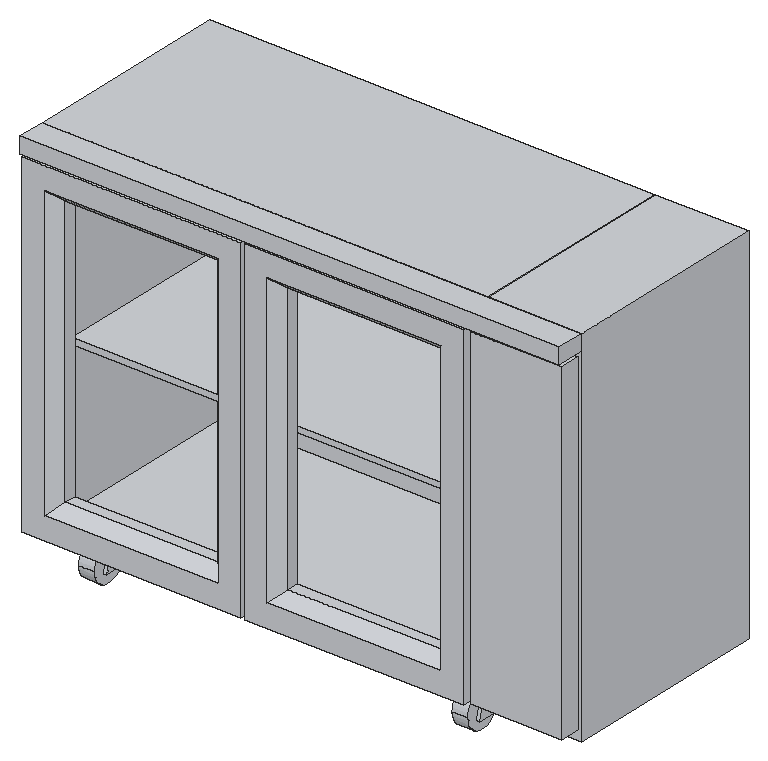
Revit family "Skope BB380", category Specialty Equipment, Revit 2015
Parameters (values of type "2 Swing Doors Chiller Remote (RH)")
  PD [instance] = if(Height Set > HOM, HOM, if(Height Set < HOMi, HOMi, Height Set))  # 110 mm
  Feet [instance] = not(Castors)  # no
  Swing = not(Sliding)  # yes
  Small Unit Size = 235 mm  # constant formula
  Small Refridgeration Unit = not(Large Refrigeration Unit)  # yes
  Sliding = no
  Refridgeration Unit Depth = if(Large Refrigeration Unit, Large Unit Size, Small Unit Size)  # 235 mm
  RHS = if(and(Small Refridgeration Unit, RH Unit), 1 < 2, 2 < 1)  # yes
  RHL = if(and(Large Refrigeration Unit, RH Unit), 1 < 2, 2 < 1)  # no
  RH Unit = not(LH Unit)  # yes
  RH Refrigeration Unit = if(RH Unit, Refridgeration Unit Depth, 0 mm)  # 235 mm
  Plinth [instance] = no
  Overall Width = 596 mm
  Overall Length = 1355 mm
  Overall Depth = 920 mm
  Model = "BB380r-2SW-RH"
  Manufacturer = "Skope Ltd."  # constant formula
  MW = Overall Width - Door Thickness  # 525.2 mm
  MS = Overall Length - LH Refrigeration Unit - RH Refrigeration Unit  # 1120 mm
  MH = Overall Depth - Bench Thickness  # 880 mm
  Large Unit Size = 380 mm  # constant formula
  Large Refrigeration Unit = no
  LHS = if(and(Small Refridgeration Unit, LH Unit), 1 < 2, 2 < 1)  # no
  LHL = if(and(Large Refrigeration Unit, LH Unit), 1 < 2, 2 < 1)  # no
  LH Unit = no
  LH Refrigeration Unit = if(LH Unit, Refridgeration Unit Depth, 0 mm)  # 0 mm
  Interior Wheel Offset = 90 mm  # constant formula
  Height Set [instance] = 190 mm
  Height Offset [instance] = if(Plinth, Height Set, PD)  # 110 mm
  HOMi [instance] = if(Castors, 95 mm, 150 mm)  # 95 mm
  HOM [instance] = if(Castors, 110 mm, 180 mm)  # 110 mm
  DoorNo = 2  # constant formula
  Door Width = MS / 2  # 560 mm
  Door Thickness = 70.8 mm  # constant formula
  Description = "2 Swing Doors Chiller Remote (RH)"
  Castors [instance] = yes
  Bench Thickness = 40 mm  # constant formula
Types (9, lengths in mm): name | Swing | Small Refridgeration Unit | Sliding | Refridgeration Unit Depth | RHS | RHL | RH Unit | RH Refrigeration Unit | Overall Length | Model | Large Refrigeration Unit | LHS | LHL | LH Unit | LH Refrigeration Unit | Description
  (no name) | yes | yes | no | 235 | yes | no | yes | 235 | 1355 | "BB380r-2SW-RH" | no | no | no | no | 0 | "2 Swing Doors Chiller Remote (RH)"
  2 Sliding Doors Chiller Integral (LH) | no | no | yes | 380 | no | no | no | 0 | 1500 | "BB380-2SL" | yes | no | yes | yes | 380 | "2 Sliding Doors Chiller Integral (LH)"
  2 Sliding Doors Chiller Integral (RH) | no | no | yes | 380 | no | yes | yes | 380 | 1500 | "BB380-2SL-RH" | yes | no | no | no | 0 | "2 Sliding Doors Chiller Integral (RH)"
  2 Sliding Doors Chiller Remote (LH) | no | yes | yes | 235 | no | no | no | 0 | 1355 | "BB380r-2SL" | no | yes | no | yes | 235 | "2 Sliding Doors Chiller Remote (LH)"
  2 Sliding Doors Chiller Remote (RH) | no | yes | yes | 235 | yes | no | yes | 235 | 1355 | "BB380r-2SL-RH" | no | no | no | no | 0 | "2 Sliding Doors Chiller Remote (RH)"
  2 Swing Doors Chiller Integral (LH) | yes | no | no | 380 | no | no | no | 0 | 1500 | "BB380-2SW" | yes | no | yes | yes | 380 | "2 Swing Doors Chiller Integral (LH)"
  2 Swing Doors Chiller Integral (RH) | yes | no | no | 380 | no | yes | yes | 380 | 1500 | "BB380-2SW-RH" | yes | no | no | no | 0 | "2 Swing Doors Chiller Integral (RH)"
  2 Swing Doors Chiller Remote (LH) | yes | yes | no | 235 | no | no | no | 0 | 1355 | "BB380r-2SW" | no | yes | no | yes | 235 | "2 Swing Doors Chiller Remote (LH)"
  2 Swing Doors Chiller Remote (RH) | yes | yes | no | 235 | yes | no | yes | 235 | 1355 | "BB380r-2SW-RH" | no | no | no | no | 0 | "2 Swing Doors Chiller Remote (RH)"
Reference planes
  plane 1 "Center (Front/Back)": y = 0
  plane 2: z = 0
  plane 3 "Center (Left/Right)": x = 0
  plane 4: y = -596
  plane 5: x = 1355
  plane 6: x = 0
  plane 7: x = 1120
  plane 8: y = -525.2
  plane 9: z = 110
  plane 10: z = 990
  plane 11: z = 1030
  plane 12: x = 90
  plane 13: x = 1030
  plane 14: y = -90
  plane 15: y = -435.2
Forms (mm)
  Extrusion 1, solid
    sketch origin (0, 0, 0) x (0, 1, 0) y (0, 0, 1)
      loop
        line (-525.2, 1030) -> (-596, 1030) -> (-596, 990) -> (-525.2, 990) -> (-525.2, 1030)
    from 0 to 1355
Dimensions and locks
  "Overall Width": plane 4 to plane 1 "Center (Front/Back)"
  "LH Refrigeration Unit": plane 3 "Center (Left/Right)" to plane 6
  "RH Refrigeration Unit": plane 7 to plane 5
  "Door Thickness": plane 8 to plane 4
  "Overall Length": plane 3 "Center (Left/Right)" to plane 5
  "Height Offset": plane 9 to plane 2
  "Overall Depth": plane 11 to plane 9
  "Bench Thickness": plane 11 to plane 10
  "Interior Wheel Offset": plane 14 to plane 1 "Center (Front/Back)"
  "Interior Wheel Offset": plane 15 to plane 8
  "Interior Wheel Offset": plane 13 to plane 7
  "Interior Wheel Offset": plane 6 to plane 12
  plane 10 to Extrusion 1 = 40 mm
  aligned and locked: level to plane 2
  aligned and locked: plane 9 to nested 1
  aligned and locked: plane 3 "Center (Left/Right)" to nested 2
  aligned and locked: plane 1 "Center (Front/Back)" to nested 2
  aligned and locked: plane 9 to nested 2
  aligned and locked: plane 1 "Center (Front/Back)" to nested 3
  aligned and locked: plane 6 to nested 1
  aligned and locked: plane 3 "Center (Left/Right)" to nested 4
  aligned and locked: nested 4 to plane 8
  aligned and locked: plane 9 to nested 4
  aligned and locked: plane 3 "Center (Left/Right)" to nested 5
  aligned and locked: nested 5 to plane 8
  aligned and locked: plane 9 to nested 5
  aligned and locked: plane 12 to nested 6
  aligned and locked: plane 14 to nested 6
  aligned and locked: plane 12 to nested 7
  aligned and locked: plane 13 to nested 8
  aligned and locked: plane 15 to nested 7
  aligned and locked: nested 7 to plane 9
  aligned and locked: nested 6 to plane 9
  aligned and locked: nested 8 to plane 9
  aligned and locked: plane 14 to nested 8
  aligned and locked: plane 13 to nested 9
  aligned and locked: plane 15 to nested 9
  aligned and locked: nested 9 to plane 9
  aligned and locked: plane 9 to nested 3
  aligned and locked: plane 5 to nested 3
  aligned and locked: nested 10 to plane 12
  aligned and locked: nested 10 to plane 14
  aligned and locked: nested 11 to plane 12
  aligned and locked: nested 11 to plane 15
  aligned and locked: nested 13 to plane 15
  aligned and locked: nested 12 to plane 14
  aligned and locked: nested 12 to plane 13
  aligned and locked: nested 13 to plane 13
  aligned and locked: nested 11 to plane 9
  aligned and locked: nested 10 to plane 9
  aligned and locked: nested 13 to plane 9
  aligned and locked: nested 12 to plane 9
  aligned and locked: plane 6 to nested 14
  aligned and locked: nested 14 to plane 8
  aligned and locked: plane 9 to nested 14
  aligned and locked: nested 15 to plane 9
  aligned and locked: nested 1 to Extrusion 1 sketch curve  (x2)
  aligned and locked: Extrusion 1 sketch curve to nested 4  (x2)
  aligned and locked: plane 5 to Extrusion 1
  aligned and locked: Extrusion 1 to plane 3 "Center (Left/Right)"
  aligned and locked: plane 6 to nested 16
  aligned and locked: nested 16 to plane 8
  aligned and locked: plane 5 to nested 18
  aligned and locked: nested 18 to plane 8
  aligned and locked: plane 5 to nested 17
  aligned and locked: nested 17 to plane 8
  aligned and locked: plane 7 to nested 15
  aligned and locked: plane 8 to nested 15
  aligned and locked: plane 3 "Center (Left/Right)" to nested 19
  aligned and locked: plane 1 "Center (Front/Back)" to nested 19
  aligned and locked: plane 9 to nested 16
  aligned and locked: plane 9 to nested 18
  aligned and locked: plane 9 to nested 17
Nested families
  nested 1: "Skope Base Unit" at (0, 0, 110), type "Skope Base Unit"
    with Width 1120 mm, Height 920 mm, Depth 525.2 mm
  nested 2: "Skope Side Base Unit" at (0, 0, 110), visible <- "LH Unit", type "Skope Side Base Unit"
    with Width 235 mm, Height 920 mm, Depth 525.2 mm
  nested 3: "Skope Side Base Unit" at (1120, 0, 110), visible <- "RH Unit", type "Skope Side Base Unit"
    with Width 235 mm, Height 920 mm, Depth 525.2 mm
  nested 4: "Skope Side Unit (Small)" at (0, -525.2, 110), visible <- "LHS", type "Skope Side Unit (Small)"
  nested 5: "Skope Side Unit" at (0, -525.2, 110), visible <- "LHL", type "Skope Side Unit"
  nested 6: "Skope Castors" at (90, -90, 110) x (-1, 0, 0) z (0, 0, 1), visible <- "Castors", type "Skope Castor", detail levels medium+fine
  nested 7: "Skope Castors" at (90, -435.2, 110) x (-1, 0, 0) z (0, 0, 1), visible <- "Castors", type "Skope Castor", detail levels medium+fine
  nested 8: "Skope Castors" at (1030, -90, 110) x (-1, 0, 0) z (0, 0, 1), visible <- "Castors", type "Skope Castor", detail levels medium+fine
  nested 9: "Skope Castors" at (1030, -435.2, 110) x (-1, 0, 0) z (0, 0, 1), visible <- "Castors", type "Skope Castor", detail levels medium+fine
  nested 10: "Skope Legs" at (90, -90, 110), visible <- "Feet", built-in parameter 1001364 <- "Height Offset", type "Skope Castor", detail levels medium+fine
  nested 11: "Skope Legs" at (90, -435.2, 110), visible <- "Feet", built-in parameter 1001364 <- "Height Offset", type "Skope Castor", detail levels medium+fine
  nested 12: "Skope Legs" at (1030, -90, 110), visible <- "Feet", built-in parameter 1001364 <- "Height Offset", type "Skope Castor", detail levels medium+fine
  nested 13: "Skope Legs" at (1030, -435.2, 110), visible <- "Feet", built-in parameter 1001364 <- "Height Offset", type "Skope Castor", detail levels medium+fine
  nested 14: "Skope Solid Swing Door" at (0, -525.2, 110), type "Skope Solid Swing Door"
    with Swing yes, Slide no
  nested 15: "Skope Solid Swing Door" at (1120, -525.2, 110) x (-1, 0, 0) z (0, 0, 1), type "Skope Solid Swing Door"
    with Swing yes, Slide no
  nested 16: "Skope Glass SlidingDoor" at (0, -525.2, 110), visible <- "Sliding", type "Skope Glass SlidingDoor"
    with Width 1120 mm, Door Visual Radius 1072 mm
  nested 17: "Skope Side Unit (Small)" at (1120, -525.2, 110), visible <- "RHS", type "Skope Side Unit (Small)"
  nested 18: "Skope Side Unit" at (975, -525.2, 110), visible <- "RHL", type "Skope Side Unit"
  nested 19: "Family8" at (0, 0, 0), visible <- "Plinth", type "Family8"
    with Width 525.2 mm, Offset 20 mm, Length 1355 mm, Height 110 mm
Definition of nested family "Skope Base Unit"
  Parameters (values of type "Skope Base Unit")
    Width = 1500 mm
    Material = none
    Height = 925 mm
    Depth = 539.2 mm
  Reference planes
    plane 1 "Center (Front/Back)": y = 0
    plane 2: z = 0
    plane 3 "Center (Left/Right)": x = 0
    plane 4: y = -539.2
    plane 5: x = 1500
    plane 6: z = 925
    plane 7: x = 70
    plane 8: z = 855
    plane 9: z = 70
    plane 10: x = 1430
    plane 11: y = -50
    plane 12: z = 462.5
  Forms (mm)
    Extrusion 1, solid, material <- "Material"
      sketch origin (0, 0, 0) x (1, 0, 0) y (0, 1, 0)
        loop
          line (0, -539.2) -> (1500, -539.2) -> (1500, 0) -> (0, 0) -> (0, -539.2)
      from 0 to 925 <- "Height"
    Extrusion 2, void
      sketch origin (0, 0, 0) x (1, 0, 0) y (0, 0, 1)
        loop
          line (70, 855) -> (70, 70) -> (1430, 70) -> (1430, 855) -> (70, 855)
      from 50 to 539.2
    Extrusion 3, solid
      sketch origin (0, 0, 0) x (1, 0, 0) y (0, 1, 0)
        loop
          line (70, -539.2) -> (1430, -539.2) -> (1430, -50) -> (70, -50) -> (70, -539.2)
      from 445.841 to 462.5
  Cuts and joins
    Extrusion 2 cuts Extrusion 1
  Dimensions and locks
    "Depth": plane 1 "Center (Front/Back)" to plane 4
    "Width": plane 5 to plane 3 "Center (Left/Right)"
    "Height": plane 6 to plane 2
    locked: plane 5 to plane 10 at 70
    locked: plane 7 to plane 3 "Center (Left/Right)" at 70
    locked: plane 6 to plane 8 at 70
    plane 9 to plane 2 = 70 mm
    locked: plane 11 to plane 1 "Center (Front/Back)" at 50
    equal spacing: plane 6, plane 12, plane 2
    aligned and locked: level to plane 2
    aligned and locked: Extrusion 1 sketch curve to plane 4
    aligned and locked: plane 3 "Center (Left/Right)" to Extrusion 1 sketch curve
    aligned and locked: Extrusion 1 sketch curve to plane 1 "Center (Front/Back)"
    aligned and locked: plane 5 to Extrusion 1 sketch curve
    aligned and locked: Extrusion 2 sketch curve to plane 8
    aligned and locked: Extrusion 2 sketch curve to plane 7
    aligned and locked: plane 9 to Extrusion 2 sketch curve
    aligned and locked: plane 10 to Extrusion 2 sketch curve
    aligned and locked: Extrusion 2 to plane 4
    aligned and locked: plane 11 to Extrusion 2
    aligned and locked: plane 11 to Extrusion 3 sketch curve
    aligned and locked: Extrusion 3 sketch curve to plane 10
    aligned and locked: plane 7 to Extrusion 3 sketch curve
    aligned and locked: Extrusion 3 sketch curve to plane 4
    aligned and locked: Extrusion 3 to plane 12
Definition of nested family "Skope Side Base Unit"
  Parameters (values of type "Skope Side Base Unit")
    Width = 1750 mm
    Material = none
    Height = 716 mm
    Depth = 759.2 mm
  Reference planes
    plane 1 "Center (Front/Back)": y = 0
    plane 2: z = 0
    plane 3 "Center (Left/Right)": x = 0
    plane 4: y = -759.2
    plane 5: x = 1750
    plane 6: z = 716
  Forms (mm)
    Extrusion 1, solid, material <- "Material"
      sketch origin (0, 0, 0) x (1, 0, 0) y (0, 1, 0)
        loop
          line (0, -759.2) -> (1750, -759.2) -> (1750, 0) -> (0, 0) -> (0, -759.2)
      from 0 to 716 <- "Height"
  Dimensions and locks
    "Depth": plane 1 "Center (Front/Back)" to plane 4
    "Width": plane 5 to plane 3 "Center (Left/Right)"
    "Height": plane 6 to plane 2
    aligned and locked: level to plane 2
    aligned and locked: Extrusion 1 sketch curve to plane 4
    aligned and locked: plane 3 "Center (Left/Right)" to Extrusion 1 sketch curve
    aligned and locked: Extrusion 1 sketch curve to plane 1 "Center (Front/Back)"
    aligned and locked: plane 5 to Extrusion 1 sketch curve
Definition of nested family "Skope Side Unit (Small)"
  Parameters (values of type "Skope Side Unit (Small)")
    Width = 235 mm
    Top Offset = 45 mm
    Material = none
    Height = 880 mm
    Grill Offset = 8 mm
    Door Width = Width - (Door Center Offset * 2)  # 75 mm
    Door Top Offset = 160 mm
    Door Offset Bottom = 151.38 mm
    Door Height = Height - Door Offset Bottom - 30 mm  # 698.62 mm
    Door Center Offset = 80 mm
    Detailed Door Width = 1291.611 mm
    Detailed Door Offset = 10 mm
    Detailed Door Ground Clearance = 24 mm
    Detailed Door Elevation Offset = 8 mm
    Detailed Door Depth = Depth - Detailed Door Offset - Detailed Door Elevation Offset  # 52.8 mm
    Depth = 70.8 mm
  Reference planes
    plane 1 "Center (Front/Back)": y = 0
    plane 2: z = 0
    plane 3 "Center (Left/Right)": x = 0
    plane 4: y = -70.8
    plane 5: x = 235
    plane 6: z = 880
    plane 7: y = -10
    plane 8: x = 320
    plane 9: z = 452
    plane 10: z = 24
    plane 11: z = 840
    plane 12: z = 80
    plane 13: z = 188.571
    plane 14: z = 297.143
    plane 15: z = 405.714
    plane 16: z = 514.286
    plane 17: z = 622.857
    plane 18: z = 731.429
    plane 19: z = 178.571
    plane 20: z = 287.143
    plane 21: z = 721.429
    plane 22: z = 612.857
    plane 23: x = 20
    plane 24: x = 215
  Forms (mm)
    Extrusion 1, solid, material <- "Material", detail levels coarse
      sketch origin (0, 0, 0) x (1, 0, 0) y (0, 1, 0)
        loop
          line (0, -70.8) -> (235, -70.8) -> (235, 0) -> (0, 0) -> (0, -70.8)
      from 0 to 880 <- "Height"
    Extrusion 2, solid, material <- "Material", detail levels medium+fine
      sketch origin (-18, 0, 0) x (1, 0, 0) y (0, 0, 1)
        loop
          line (26, 872) -> (26, 32) -> (253, 32) -> (253, 872) -> (26, 872)
      from 10 to 62.8
    Extrusion 3, solid, detail levels medium+fine
      sketch origin (-18, -62.8, 0) x (1, 0, 0) y (0, 0, 1)
        loop
          line (34, 40) -> (245, 40) -> (245, 864) -> (34, 864) -> (34, 40)
      from -62.8 to -52.8
  Lines and regions (mm)
    model lines, detail levels medium+fine
      curve 1: line (20, -62.8, 622.857) -> (215, -62.8, 622.857)
      curve 2: line (20, -62.8, 721.429) -> (20, -62.8, 622.857)
      curve 3: line (215, -62.8, 721.429) -> (20, -62.8, 721.429)
      curve 4: line (215, -62.8, 622.857) -> (215, -62.8, 721.429)
      curve 5: line (20, -62.8, 514.286) -> (215, -62.8, 514.286)
      curve 6: line (20, -62.8, 612.857) -> (20, -62.8, 514.286)
      curve 7: line (215, -62.8, 612.857) -> (20, -62.8, 612.857)
      curve 8: line (215, -62.8, 514.286) -> (215, -62.8, 612.857)
      curve 9: line (20, -62.8, 80) -> (215, -62.8, 80)
      curve 10: line (20, -62.8, 178.571) -> (20, -62.8, 80)
      curve 11: line (215, -62.8, 178.571) -> (20, -62.8, 178.571)
      curve 12: line (215, -62.8, 80) -> (215, -62.8, 178.571)
      curve 13: line (20, -62.8, 188.571) -> (215, -62.8, 188.571)
      curve 14: line (20, -62.8, 287.143) -> (20, -62.8, 188.571)
      curve 15: line (215, -62.8, 287.143) -> (20, -62.8, 287.143)
      curve 16: line (215, -62.8, 188.571) -> (215, -62.8, 287.143)
      curve 17: line (20, -62.8, 731.429) -> (151, -62.8, 731.429)
      curve 18: line (20, -62.8, 796.429) -> (20, -62.8, 731.429)
      curve 19: line (151, -62.8, 796.429) -> (20, -62.8, 796.429)
      curve 20: line (151, -62.8, 731.429) -> (151, -62.8, 796.429)
  Dimensions and locks
    "Depth": plane 1 "Center (Front/Back)" to plane 4
    "Width": plane 5 to plane 3 "Center (Left/Right)"
    "Height": plane 6 to plane 2
    "Detailed Door Offset": plane 7 to plane 1 "Center (Front/Back)"
    Extrusion 1 to Extrusion 1 to plane 8 = 235 mm, 85 mm
    equal spacing: plane 10, plane 9, plane 6
    "Detailed Door Elevation Offset": Extrusion 1 to Extrusion 2  (x3)
    "Detailed Door Ground Clearance": plane 10 to level
    "Detailed Door Depth": plane 7 to Extrusion 2
    "Detailed Door Elevation Offset": Extrusion 2 to plane 10
    "Grill Offset": Extrusion 2 to Extrusion 3 sketch curve
    Extrusion 1 to Extrusion 3 sketch curve = 8 mm
    plane 6 to plane 11 = 40 mm
    plane 12 to plane 2 = 80 mm
    equal spacing: plane 11, plane 18, plane 17, plane 16, plane 15, plane 14, plane 13, plane 12
    plane 18 to plane 21 = 10 mm
    plane 17 to plane 22 = 10 mm
    plane 14 to plane 20 = 10 mm
    plane 13 to plane 19 = 10 mm
    plane 23 to plane 3 "Center (Left/Right)" = 20 mm
    plane 5 to plane 24 = 20 mm
    aligned and locked: level to plane 2
    aligned and locked: Extrusion 1 sketch curve to plane 4
    aligned and locked: plane 3 "Center (Left/Right)" to Extrusion 1 sketch curve
    aligned and locked: Extrusion 1 sketch curve to plane 1 "Center (Front/Back)"
    aligned and locked: Extrusion 1 sketch curve to plane 5
    aligned and locked: plane 7 to Extrusion 2
    aligned and locked: Extrusion 2 sketch curve to plane 5
    aligned and locked: Extrusion 3 to plane 1 "Center (Front/Back)"
    aligned and locked: Extrusion 3 to plane 7
    aligned and locked: curve 1 to plane 17
    aligned and locked: plane 21 to curve 3
    aligned and locked: plane 22 to curve 7
    aligned and locked: curve 9 to plane 12
    aligned and locked: plane 19 to curve 11
    aligned and locked: curve 13 to plane 13
    aligned and locked: plane 20 to curve 15
    aligned and locked: curve 17 to plane 18
    aligned and locked: plane 24 to curve 12
    aligned and locked: plane 23 to curve 10
  Automatic sketch dimensions
    plane 3 "Center (Left/Right)" to Extrusion 2 sketch curve = 8 mm
    plane 10 to Extrusion 2 sketch curve = 8 mm
    Extrusion 2 sketch curve to plane 6 = 8 mm
    curve 3 to Extrusion 2 = 12 mm
    curve 19 to Extrusion 2 = 12 mm
    curve 14 to Extrusion 2 = 12 mm
    curve 5 to Extrusion 2 = 12 mm
    curve 19 to Extrusion 2 = 84 mm
    curve 13 to curve 11 = 0 mm
    curve 1 to curve 8 = 0 mm
    curve 6 to curve 6 = 98.571 mm
    curve 17 to curve 19 = 65 mm
    curve 8 to Extrusion 2 = 20 mm
    Extrusion 3 sketch curve to Extrusion 2 = 8 mm  (x2)
Definition of nested family "Skope Side Unit"
  Parameters (values of type "Skope Side Unit")
    Width = 380 mm
    Top Offset = 45 mm
    Material = none
    Height = 880 mm
    Grill Offset = 8 mm
    Door Width = Width - (Door Center Offset * 2)  # 220 mm
    Door Top Offset = 160 mm
    Door Offset Bottom = 151.38 mm
    Door Height = Height - Door Offset Bottom - 30 mm  # 698.62 mm
    Door Center Offset = 80 mm
    Detailed Door Width = 1291.611 mm
    Detailed Door Offset = 10 mm
    Detailed Door Ground Clearance = 24 mm
    Detailed Door Elevation Offset = 8 mm
    Detailed Door Depth = Depth - Detailed Door Offset - Detailed Door Elevation Offset  # 52.8 mm
    Depth = 70.8 mm
  Reference planes
    plane 1 "Center (Front/Back)": y = 0
    plane 2: z = 0
    plane 3 "Center (Left/Right)": x = 0
    plane 4: y = -70.8
    plane 5: x = 380
    plane 6: z = 880
    plane 7: y = -10
    plane 8: x = 340
    plane 9: z = 452
    plane 10: z = 24
    plane 11: x = 40
    plane 12: z = 840
    plane 13: z = 65.281
    plane 14: z = 710.88
    plane 15: z = 581.76
    plane 16: z = 452.641
    plane 17: z = 323.521
    plane 18: z = 194.401
    plane 19: z = 184.401
    plane 20: z = 313.521
    plane 21: z = 442.641
    plane 22: z = 571.76
    plane 23: z = 700.88
    plane 24: z = 830
    plane 25: x = 220
  Forms (mm)
    Extrusion 1, solid, material <- "Material", detail levels coarse
      sketch origin (0, 0, 0) x (1, 0, 0) y (0, 1, 0)
        loop
          line (0, -70.8) -> (380, -70.8) -> (380, 0) -> (0, 0) -> (0, -70.8)
      from 0 to 880 <- "Height"
    Extrusion 2, solid, material <- "Material", detail levels medium+fine
      sketch origin (-18, 0, 0) x (1, 0, 0) y (0, 0, 1)
        loop
          line (26, 872) -> (26, 32) -> (398, 32) -> (398, 872) -> (26, 872)
      from 10 to 62.8
    Extrusion 3, solid, detail levels medium+fine
      sketch origin (-18, -62.8, 0) x (1, 0, 0) y (0, 0, 1)
        loop
          line (34, 40) -> (390, 40) -> (390, 864) -> (34, 864) -> (34, 40)
      from -62.8 to -52.8
  Lines and regions (mm)
    model lines, detail levels medium+fine
      curve 1: line (40, -62.8, 184.401) -> (340, -62.8, 184.401)
      curve 2: line (40, -62.8, 65.281) -> (40, -62.8, 184.401)
      curve 3: line (340, -62.8, 65.281) -> (40, -62.8, 65.281)
      curve 4: line (340, -62.8, 184.401) -> (340, -62.8, 65.281)
      curve 5: line (40, -62.8, 313.521) -> (340, -62.8, 313.521)
      curve 6: line (40, -62.8, 194.401) -> (40, -62.8, 313.521)
      curve 7: line (340, -62.8, 194.401) -> (40, -62.8, 194.401)
      curve 8: line (340, -62.8, 313.521) -> (340, -62.8, 194.401)
      curve 9: line (40, -62.8, 830) -> (220, -62.8, 830)
      curve 10: line (40, -62.8, 710.88) -> (40, -62.8, 830)
      curve 11: line (220, -62.8, 710.88) -> (40, -62.8, 710.88)
      curve 12: line (220, -62.8, 830) -> (220, -62.8, 710.88)
      curve 13: line (40, -62.8, 700.88) -> (220, -62.8, 700.88)
      curve 14: line (40, -62.8, 581.76) -> (40, -62.8, 700.88)
      curve 15: line (220, -62.8, 581.76) -> (40, -62.8, 581.76)
      curve 16: line (220, -62.8, 700.88) -> (220, -62.8, 581.76)
      curve 17: line (241.037, -62.8, 830) -> (326.037, -62.8, 830)
      curve 18: line (241.037, -62.8, 795) -> (241.037, -62.8, 830)
      curve 19: line (326.037, -62.8, 795) -> (241.037, -62.8, 795)
      curve 20: line (326.037, -62.8, 830) -> (326.037, -62.8, 795)
  Dimensions and locks
    "Depth": plane 1 "Center (Front/Back)" to plane 4
    "Width": plane 5 to plane 3 "Center (Left/Right)"
    "Height": plane 6 to plane 2
    "Detailed Door Offset": plane 7 to plane 1 "Center (Front/Back)"
    Extrusion 1 to plane 8 to Extrusion 1 = 340 mm, 40 mm
    equal spacing: plane 10, plane 9, plane 6
    "Detailed Door Elevation Offset": Extrusion 1 to Extrusion 2  (x3)
    "Detailed Door Ground Clearance": plane 10 to level
    "Detailed Door Depth": plane 7 to Extrusion 2
    "Detailed Door Elevation Offset": Extrusion 2 to plane 10
    "Grill Offset": Extrusion 2 to Extrusion 3 sketch curve
    Extrusion 1 to Extrusion 3 sketch curve = 8 mm
    locked: plane 11 to plane 3 "Center (Left/Right)" at 40
    plane 13 to plane 2 = 65.281 mm
    plane 6 to plane 12 = 40 mm
    equal spacing: plane 12, plane 14, plane 15, plane 16, plane 17, plane 18, plane 13
    plane 12 to plane 24 = 10 mm
    plane 14 to plane 23 = 10 mm
    plane 15 to plane 22 = 10 mm
    plane 16 to plane 21 = 10 mm
    plane 17 to plane 20 = 10 mm
    plane 18 to plane 19 = 10 mm
    locked: plane 5 to plane 8 at 40
    plane 11 to plane 25 = 180 mm
    plane 25 to curve 18 = 21.037 mm
    aligned and locked: level to plane 2
    aligned and locked: Extrusion 1 sketch curve to plane 4
    aligned and locked: plane 3 "Center (Left/Right)" to Extrusion 1 sketch curve
    aligned and locked: Extrusion 1 sketch curve to plane 1 "Center (Front/Back)"
    aligned and locked: Extrusion 1 sketch curve to plane 5
    aligned and locked: plane 7 to Extrusion 2
    aligned and locked: Extrusion 2 sketch curve to plane 5
    aligned and locked: Extrusion 3 to plane 1 "Center (Front/Back)"
    aligned and locked: Extrusion 3 to plane 7
    aligned and locked: curve 1 to plane 19
    aligned and locked: curve 2 to plane 11
    aligned and locked: curve 3 to plane 13
    aligned and locked: curve 4 to plane 8
    aligned and locked: curve 5 to plane 20
    aligned and locked: curve 6 to plane 11
    aligned and locked: plane 18 to curve 7
    aligned and locked: curve 8 to plane 8
    aligned and locked: curve 9 to plane 24
    aligned and locked: curve 10 to plane 11
    aligned and locked: plane 14 to curve 11
    aligned and locked: plane 25 to curve 12
    aligned and locked: curve 13 to plane 23
    aligned and locked: curve 14 to plane 11
    aligned and locked: plane 15 to curve 15
    aligned and locked: plane 25 to curve 16
  Automatic sketch dimensions
    plane 3 "Center (Left/Right)" to Extrusion 2 sketch curve = 8 mm
    plane 10 to Extrusion 2 sketch curve = 8 mm
    Extrusion 2 sketch curve to plane 6 = 8 mm
    curve 19 to Extrusion 2 = 53.963 mm
    curve 18 to curve 9 = 35 mm
    curve 19 to curve 17 = 35 mm
    Extrusion 3 sketch curve to Extrusion 2 = 8 mm  (x2)
Definition of nested family "Skope Castors"
  Parameters (values of type "Skope Castor")
    Wheel Offset = Height Adjusted - 105 mm  # 5 mm
    Wheel Material = none
    Pusher = if([Height (115mm to 130mm)] < 116 mm, -10 mm, (105 mm - Height Adjusted))  # -10 mm
    Material = none
    Height Adjusted = if([Height (115mm to 130mm)] < 110 mm, 110 mm, (if([Height (115mm to 130mm)] > 130 mm, 130 mm, [Height (115mm to 130mm)])))  # 110 mm
    Height (115mm to 130mm) = 110 mm
  Reference planes
    plane 1 "Center (Front/Back)": y = 0
    plane 2: z = 0
    plane 3 "Center (Left/Right)": x = 0
    plane 4: z = -56
    plane 5: x = -50
    plane 6: x = 50
    plane 7: y = -57.5
    plane 8: y = 57.5
    plane 9: z = -5
    plane 10: z = -119.14
  Forms (mm)
    Extrusion 1, solid, material <- "Material"
      sketch origin (-68.05, 25.042, 0) x (1, 0, 0) y (0, 1, 0)
        loop
          circle (68.05, -25.042) r 10
      from -10 <- "Pusher" to 0
    Extrusion 2, solid, material <- "Material"
      sketch origin (0, 0, 0) x (1, 0, 0) y (0, 1, 0)
        loop
          line (-50, 57.5) -> (-50, -57.5) -> (50, -57.5) -> (50, 57.5) -> (-50, 57.5)
      from 0 to -4
  Cuts and joins
    joined: Extrusion 1, Extrusion 2
  Dimensions and locks
    locked: plane 8 to plane 1 "Center (Front/Back)" at 57.5
    plane 7 to plane 1 "Center (Front/Back)" = 57.5 mm
    plane 5 to plane 3 "Center (Left/Right)" to plane 6 = 50 mm, 50 mm
    "Wheel Offset": plane 2 to plane 9
    radius of Extrusion 1 sketch curve = 10 mm
    aligned and locked: level to plane 2
    aligned and locked: level to Extrusion 1
    aligned and locked: plane 3 "Center (Left/Right)" to nested 1
    aligned and locked: nested 1 to Extrusion 1 sketch curve
    aligned and locked: plane 1 "Center (Front/Back)" to Extrusion 1 sketch curve
    aligned and locked: Extrusion 2 sketch curve to plane 8
    aligned and locked: plane 5 to Extrusion 2 sketch curve
    aligned and locked: plane 7 to Extrusion 2 sketch curve
    aligned and locked: Extrusion 2 sketch curve to plane 6
    aligned and locked: plane 9 to nested 1
  Nested families
    nested 1: "Wheel Base1" at (0, 0, -5), type "Wheel Base1"
  Definition of nested family "Wheel Base1"
    Parameters (values of type "Wheel Base1")
      Wheel Size = 60 mm
      Wheel Offset = 15 mm
      Wheel Material = none
      Wheel Inner Offset = 10 mm
      Wheel Area Depth = 30 mm
      Material = none
      Corner Offset = 0 mm
    Reference planes
      plane 1 "Center (Front/Back)": y = 0
      plane 2: z = 0
      plane 3 "Center (Left/Right)": x = 0
      plane 4: x = -30
      plane 5: x = 30
      plane 6: x = 0
      plane 7: x = -20
      plane 8: x = 20
      plane 9: y = 57.5
      plane 10: y = -57.5
      plane 11: y = 20
      plane 12: y = -20
      plane 13: z = -60
      plane 14: y = 40
    Forms (mm)
      Extrusion 1, solid, material <- "Wheel Material"
        sketch origin (0, 0, 0) x (0, 1, 0) y (0, 0, 1)
          loop
            circle (20, -60) r 45
        from -20 to 20
      Extrusion 2, solid, material <- "Wheel Material"
        sketch origin (0, 0, 0) x (0, 1, 0) y (0, 0, 1)
          loop
            line (20, 0) -> (-20, 0) -> (0, -75.216) -> (40, -75.216) -> (20, 0)
        from -30 to 30
      Extrusion 3, solid, material <- "Wheel Material"
        sketch origin (0, 0, 0) x (1, 0, 0) y (0, 1, 0)
          loop
            circle (0, 0) r 40
        from 0 to -4
    Cuts and joins
      joined: Extrusion 1, Extrusion 2, Extrusion 3
    Dimensions and locks
      "Wheel Size": plane 4 to plane 5
      equal spacing: plane 5, plane 6, plane 4
      "Wheel Inner Offset": plane 7 to plane 4
      "Wheel Inner Offset": plane 5 to plane 8
      plane 9 to plane 1 "Center (Front/Back)" to plane 10 = 57.5 mm, 57.5 mm
      plane 9 to plane 11 to plane 1 "Center (Front/Back)" = 37.5 mm, 20 mm
      plane 1 "Center (Front/Back)" to plane 12 to plane 10 = 20 mm, 37.5 mm
      aligned and locked: level to plane 2
      aligned and locked: plane 11 to Extrusion 1 sketch curve
      aligned and locked: plane 13 to Extrusion 1 sketch curve
      aligned and locked: plane 8 to Extrusion 1
      aligned and locked: Extrusion 1 to plane 7
      aligned and locked: plane 5 to Extrusion 2
      aligned and locked: Extrusion 2 to plane 4
      aligned and locked: plane 6 to Extrusion 3 sketch curve
      aligned and locked: plane 1 "Center (Front/Back)" to Extrusion 3 sketch curve
    Automatic sketch dimensions
      Extrusion 2 sketch curve to plane 12 = 0 mm
      Extrusion 2 sketch curve to plane 1 "Center (Front/Back)" = 0 mm
      Extrusion 2 sketch curve to level = 0 mm
      Extrusion 2 sketch curve to plane 11 = 0 mm
      Extrusion 2 sketch curve to plane 14 = 0 mm
      Extrusion 2 sketch curve to plane 13 = 15.216 mm
      radius of Extrusion 1 sketch curve = 45 mm
      radius of Extrusion 3 sketch curve = 40 mm
Definition of nested family "Skope Legs"
  Parameters (values of type "Skope Castor")
    Wheel Offset = Height Adjusted - 120 mm  # 30 mm
    Pusher = if([Height (150mm to 180mm)] < 116 mm, -10 mm, (105 mm - Height Adjusted))  # -10 mm
    Material = none
    Height Adjusted = if([Height (150mm to 180mm)] < 150 mm, 150 mm, (if([Height (150mm to 180mm)] > 180 mm, 180 mm, [Height (150mm to 180mm)])))  # 150 mm
    Height (150mm to 180mm) = 115 mm
  Reference planes
    plane 1 "Center (Front/Back)": y = 0
    plane 2: z = 0
    plane 3 "Center (Left/Right)": x = 0
    plane 4: x = -50
    plane 5: x = 50
    plane 6: y = -57.5
    plane 7: y = 57.5
    plane 8: z = -120
    plane 9: z = -150
  Forms (mm)
    Extrusion 1, solid, material <- "Material"
      sketch origin (0, 0, 0) x (1, 0, 0) y (0, 1, 0)
        loop
          line (-50, 57.5) -> (-50, -57.5) -> (50, -57.5) -> (50, 57.5) -> (-50, 57.5)
      from 0 to -4
    Extrusion 2, solid, material <- "Material"
      sketch origin (0, 0, 0) x (1, 0, 0) y (0, 1, 0)
        loop
          circle (0, 0) r 30
      from 0 to -120
    Extrusion 3, solid, material <- "Material"
      sketch origin (0, 0, 0) x (1, 0, 0) y (0, 1, 0)
        loop
          circle (0, 0) r 20
      from -120 to -150
  Cuts and joins
    joined: Extrusion 1, Extrusion 2, Extrusion 3
  Dimensions and locks
    locked: plane 7 to plane 1 "Center (Front/Back)" at 57.5
    plane 6 to plane 1 "Center (Front/Back)" = 57.5 mm
    plane 4 to plane 3 "Center (Left/Right)" to plane 5 = 50 mm, 50 mm
    plane 2 to plane 8 = 120 mm
    "Wheel Offset": plane 9 to plane 8
    plane 2 to plane 9 = 150 mm
    aligned and locked: level to plane 2
    aligned and locked: plane 3 "Center (Left/Right)" to Extrusion 2 sketch curve
    aligned and locked: plane 1 "Center (Front/Back)" to Extrusion 2 sketch curve
    aligned and locked: Extrusion 2 to plane 8
    aligned and locked: Extrusion 3 to plane 9
    aligned and locked: plane 8 to Extrusion 3
  Automatic sketch dimensions
    Extrusion 1 sketch curve to plane 4 = 0 mm
    Extrusion 1 sketch curve to plane 5 = 0 mm
    Extrusion 1 sketch curve to plane 6 = 0 mm
    Extrusion 1 sketch curve to plane 7 = 0 mm
    plane 1 "Center (Front/Back)" to Extrusion 3 sketch curve = 0 mm
    Extrusion 3 sketch curve to plane 3 "Center (Left/Right)" = 0 mm
    radius of Extrusion 2 sketch curve = 30 mm
    radius of Extrusion 3 sketch curve = 20 mm
Definition of nested family "Skope Solid Swing Door"
  Parameters (values of type "Skope Solid Swing Door")
    Width = 560 mm
    Swing = no
    Slide = not(Swing)  # yes
    Material = none
    Height = 880 mm
    Handle Material = none
    Door Width = 325 mm
    Door Visual Right Offset = 30 mm
    Door Visual Radius = Width - Door Visual Left Offset - Door Visual Right Offset  # 512 mm
    Door Visual Left Offset = 18 mm
    Door Radius = 90.00°
    Door Height = 469.62 mm
    Detailed Door Offset = 10 mm
    Detailed Door Ground Clearance = 24 mm
    Detailed Door Elevation Offset = 8 mm
    Detailed Door Depth = Depth - Detailed Door Offset - Detailed Door Elevation Offset  # 52.8 mm
    Depth = 70.8 mm
  Reference planes
    plane 1 "Center (Front/Back)": y = 0
    plane 2: z = 0
    plane 3 "Center (Left/Right)": x = 0
    plane 4: y = -70.8
    plane 5: x = 560
    plane 6: z = 880
    plane 7: y = -10
    plane 8: z = 24
    plane 9: x = 18
    plane 10: x = 530
    plane 11: z = 651.193
    plane 12: z = 63.558
  Forms (mm)
    Extrusion 1, solid, material <- "Material", detail levels coarse
      sketch origin (0, 0, 0) x (1, 0, 0) y (0, 1, 0)
        loop
          line (0, -70.8) -> (560, -70.8) -> (560, 0) -> (0, 0) -> (0, -70.8)
      from 0 to 880 <- "Height"
    Sweep 2, solid, visible <- "Swing", detail levels medium+fine
      path in 3D
        loop
          line (560, -70.8, 24) -> (0, -70.8, 24) -> (0, -70.8, 880) -> (560, -70.8, 880) -> (560, -70.8, 24)
      profile origin (560, -70.8, 452) x (1, 0, 0) y (0, 1, 0)
        loop
          line (-5, 60.8) -> (-87.967, 60.8) -> (-87.967, 31.542) -> (-61.5, 0) -> (-5, 0) -> (-5, 60.8)
    Sweep 3, solid, visible <- "Slide"
      path in 3D
        loop
          line (560, -70.8, 24) -> (0, -70.8, 24) -> (0, -70.8, 880) -> (560, -70.8, 880) -> (560, -70.8, 24)
      profile origin (560, -70.8, 452) x (1, 0, 0) y (0, 1, 0)
        loop
          line (-5, 15.8) -> (-5, 60.8) -> (-61.432, 60.8) -> (-61.432, 30.903) -> (-53.401, 15.8) -> (-5, 15.8)
  Lines and regions (mm)
    symbolic lines, visible <- "Swing"
      curve 1: line (18, -70.8, 0) -> (18, -582.8, 0)
      curve 2: arc (18, -582.8, 0) -> (380.988, -431.887, 0) -> (529.993, -68.113, 0) r 512
    sketch lines
      curve 3: line (560, -70.8, 880) -> (560, -70.8, 24)
      curve 4: line (0, -70.8, 880) -> (560, -70.8, 880)
      curve 5: line (0, -70.8, 880) -> (0, -70.8, 24)
      curve 6: line (560, -70.8, 880) -> (560, -70.8, 24)
      curve 7: line (0, -70.8, 880) -> (560, -70.8, 880)
      curve 12: line (0, -70.8, 24) -> (560, -70.8, 24)
      curve 13: line (0, -70.8, 880) -> (0, -70.8, 24)
      curve 14: line (0, -70.8, 24) -> (560, -70.8, 24)
    model lines
      curve 8: line (0, -70.8, 24) -> (560, -70.8, 24)
      curve 9: line (0, -70.8, 880) -> (0, -70.8, 24)
      curve 10: line (560, -70.8, 880) -> (0, -70.8, 880)
      curve 11: line (560, -70.8, 24) -> (560, -70.8, 880)
  Dimensions and locks
    "Depth": plane 1 "Center (Front/Back)" to plane 4
    "Width": plane 5 to plane 3 "Center (Left/Right)"
    "Height": plane 6 to plane 2
    "Detailed Door Offset": plane 7 to plane 1 "Center (Front/Back)"
    "Detailed Door Ground Clearance": plane 8 to level
    "Door Visual Left Offset": plane 3 "Center (Left/Right)" to plane 9
    "Door Visual Right Offset": plane 10 to plane 5
    "Door Visual Radius": curve 1 to curve 1
    Sweep 2 sketch curve to profile plane = 5 mm
    "Door Visual Radius": radius of curve 2
    "Door Radius": angle curve 1 to plane 4
    aligned and locked: level to plane 2
    aligned and locked: Extrusion 1 sketch curve to plane 4
    aligned and locked: plane 3 "Center (Left/Right)" to Extrusion 1 sketch curve
    aligned and locked: Extrusion 1 sketch curve to plane 1 "Center (Front/Back)"
    aligned and locked: Extrusion 1 sketch curve to plane 5
    aligned and locked: curve 1 to plane 9
    aligned and locked: plane 4 to curve 1
    aligned and locked: Sweep 2 sketch curve to profile plane
    aligned and locked: curve 8 to plane 8
    aligned and locked: curve 9 to plane 3 "Center (Left/Right)"
    aligned and locked: plane 6 to curve 10
    aligned and locked: plane 5 to curve 11
  Automatic sketch dimensions
    Sweep 2 sketch curve to Sweep 2 sketch curve = 56.5 mm
    Sweep 2 sketch curve to Sweep 2 sketch curve = 26.467 mm
    Sweep 2 sketch curve to profile plane = 60.8 mm
    Sweep 2 sketch curve to profile plane = 31.542 mm
    Sweep 3 sketch curve to profile plane = 61.432 mm
    Sweep 3 sketch curve to profile plane = 15.8 mm
    Sweep 3 sketch curve to Sweep 3 sketch curve = 8.03 mm
    Sweep 3 sketch curve to profile plane = 5 mm
    Sweep 3 sketch curve to Sweep 3 sketch curve = 15.103 mm
    Sweep 3 sketch curve to Sweep 3 sketch curve = 45 mm
    curve 2 to plane 10 = 0.007 mm
Definition of nested family "Skope Glass SlidingDoor"
  Parameters (values of type "Skope Glass SlidingDoor")
    Width = 560 mm
    Material = none
    Height = 880 mm
    Handle Material = none
    Door Width = 325 mm
    Door Visual Right Offset = 30 mm
    Door Visual Radius = Width - Door Visual Left Offset - Door Visual Right Offset  # 512 mm
    Door Visual Left Offset = 18 mm
    Door Radius = 90.00°
    Door Height = 469.62 mm
    Detailed Door Offset = 10 mm
    Detailed Door Ground Clearance = 24 mm
    Detailed Door Elevation Offset = 8 mm
    Detailed Door Depth = Depth - Detailed Door Offset - Detailed Door Elevation Offset  # 52.8 mm
    Depth = 70.8 mm
  Reference planes
    plane 1 "Center (Front/Back)": y = 0
    plane 2: z = 0
    plane 3 "Center (Left/Right)": x = 0
    plane 4: y = -70.8
    plane 5: x = 560
    plane 6: z = 880
    plane 7: y = -10
    plane 8: z = 24
    plane 9: x = 18
    plane 10: x = 530
    plane 11: z = 651.193
    plane 12: z = 63.558
  Forms (mm)
    Extrusion 1, solid, material <- "Material", detail levels coarse
      sketch origin (0, 0, 0) x (1, 0, 0) y (0, 1, 0)
        loop
          line (0, -70.8) -> (560, -70.8) -> (560, 0) -> (0, 0) -> (0, -70.8)
      from 0 to 880 <- "Height"
    Sweep 2, solid, detail levels medium+fine
      path in 3D
        loop
          line (560, -70.8, 24) -> (0, -70.8, 24) -> (0, -70.8, 880) -> (560, -70.8, 880) -> (560, -70.8, 24)
      profile origin (560, -70.8, 452) x (1, 0, 0) y (0, 1, 0)
        loop
          line (-5, 60.8) -> (-87.967, 60.8) -> (-87.967, 31.542) -> (-61.5, 0) -> (-5, 0) -> (-5, 60.8)
  Lines and regions (mm)
    symbolic lines, not visible
      curve 1: line (18, -70.8, 0) -> (18, -582.8, 0)
      curve 2: arc (18, -582.8, 0) -> (380.988, -431.887, 0) -> (529.993, -68.113, 0) r 512
    sketch lines
      curve 3: line (560, -70.8, 880) -> (560, -70.8, 24)
      curve 4: line (0, -70.8, 880) -> (560, -70.8, 880)
      curve 5: line (0, -70.8, 880) -> (0, -70.8, 24)
      curve 10: line (0, -70.8, 24) -> (560, -70.8, 24)
    model lines
      curve 6: line (0, -70.8, 24) -> (560, -70.8, 24)
      curve 7: line (0, -70.8, 880) -> (0, -70.8, 24)
      curve 8: line (560, -70.8, 880) -> (0, -70.8, 880)
      curve 9: line (560, -70.8, 24) -> (560, -70.8, 880)
  Dimensions and locks
    "Depth": plane 1 "Center (Front/Back)" to plane 4
    "Width": plane 5 to plane 3 "Center (Left/Right)"
    "Height": plane 6 to plane 2
    "Detailed Door Offset": plane 7 to plane 1 "Center (Front/Back)"
    "Detailed Door Ground Clearance": plane 8 to level
    "Door Visual Left Offset": plane 3 "Center (Left/Right)" to plane 9
    "Door Visual Right Offset": plane 10 to plane 5
    "Door Visual Radius": curve 1 to curve 1
    Sweep 2 sketch curve to profile plane = 5 mm
    "Door Visual Radius": radius of curve 2
    "Door Radius": angle curve 1 to plane 4
    aligned and locked: level to plane 2
    aligned and locked: Extrusion 1 sketch curve to plane 4
    aligned and locked: plane 3 "Center (Left/Right)" to Extrusion 1 sketch curve
    aligned and locked: Extrusion 1 sketch curve to plane 1 "Center (Front/Back)"
    aligned and locked: Extrusion 1 sketch curve to plane 5
    aligned and locked: curve 1 to plane 9
    aligned and locked: plane 4 to curve 1
    aligned and locked: Sweep 2 sketch curve to profile plane
    aligned and locked: curve 6 to plane 8
    aligned and locked: curve 7 to plane 3 "Center (Left/Right)"
    aligned and locked: plane 6 to curve 8
    aligned and locked: plane 5 to curve 9
  Automatic sketch dimensions
    Sweep 2 sketch curve to Sweep 2 sketch curve = 56.5 mm
    Sweep 2 sketch curve to Sweep 2 sketch curve = 26.467 mm
    Sweep 2 sketch curve to profile plane = 60.8 mm
    Sweep 2 sketch curve to profile plane = 31.542 mm
    curve 2 to plane 10 = 0.007 mm
Definition of nested family "Family8"
  Parameters (values of type "Family8")
    Width = 700 mm
    Offset = 60 mm
    Length = 1200 mm
    Height = 400 mm
  Reference planes
    plane 1 "Center (Front/Back)": y = 0
    plane 2: z = 0
    plane 3 "Center (Left/Right)": x = 0
    plane 4: y = -700
    plane 5: x = 1200
    plane 6: z = 400
    plane 7: x = 60
    plane 8: x = 1140
    plane 9: y = -640
    plane 10: y = -60
  Forms (mm)
    Extrusion 1, solid, detail levels coarse
      sketch origin (0, 0, 0) x (1, 0, 0) y (0, 1, 0)
        loop
          line (0, 0) -> (0, -700) -> (1200, -700) -> (1200, 0) -> (0, 0)
      from 0 to 400
    Extrusion 2, solid, detail levels medium+fine
      sketch origin (0, 0, 0) x (1, 0, 0) y (0, 1, 0)
        loop
          line (60, -60) -> (60, -640) -> (1140, -640) -> (1140, -60) -> (60, -60)
      from 0 to 400
  Dimensions and locks
    "Length": plane 3 "Center (Left/Right)" to plane 5
    "Width": plane 4 to plane 1 "Center (Front/Back)"
    "Height": plane 6 to plane 2
    plane 3 "Center (Left/Right)" to Extrusion 1 = 1200 mm
    "Offset": plane 10 to plane 1 "Center (Front/Back)"
    "Offset": plane 9 to plane 4
    "Offset": plane 3 "Center (Left/Right)" to plane 7
    "Offset": plane 8 to plane 5
    aligned and locked: level to plane 2
    aligned and locked: plane 6 to Extrusion 1
    aligned and locked: Extrusion 1 to plane 5
    aligned and locked: Extrusion 1 to plane 1 "Center (Front/Back)"
    aligned and locked: Extrusion 1 to plane 3 "Center (Left/Right)"
    aligned and locked: Extrusion 1 to plane 4
    aligned and locked: Extrusion 2 sketch curve to plane 10
    aligned and locked: Extrusion 2 sketch curve to plane 7
    aligned and locked: Extrusion 2 sketch curve to plane 8
    aligned and locked: plane 9 to Extrusion 2 sketch curve
    aligned and locked: Extrusion 1 to Extrusion 2
  Automatic sketch dimensions
    Extrusion 1 sketch curve to plane 3 "Center (Left/Right)" = 0 mm
    Extrusion 1 sketch curve to plane 4 = 0 mm
    Extrusion 1 sketch curve to plane 5 = 0 mm
    plane 1 "Center (Front/Back)" to Extrusion 1 sketch curve = 0 mm
